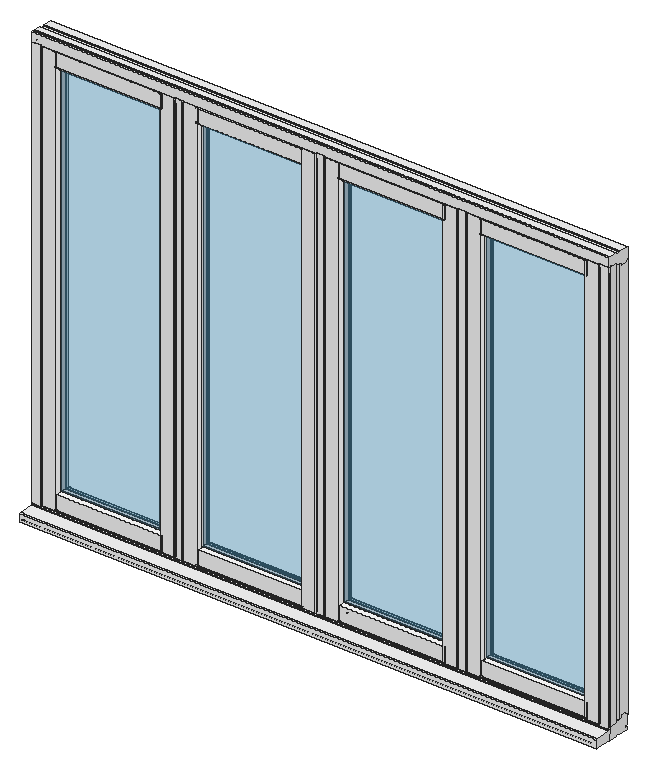
Revit family "C4", category Generic Models, Revit 2012 (continued)
Automatic sketch dimensions
  Sweep 30 sketch curve to Sweep 30 sketch curve = 3 mm  (x2)
  Sweep 30 sketch curve to Sweep 30 sketch curve = 10 mm
  Sweep 30 sketch curve to Sweep 30 sketch curve = 16 mm
  Sweep 30 sketch curve to Sweep 30 sketch curve = 4 mm
  Sweep 30 sketch curve to profile plane = 5 mm
  Sweep 30 sketch curve to profile plane = 10 mm
  Sweep 30 sketch curve to profile plane = 4 mm
  Sweep 30 sketch curve to profile plane = 1 mm
  profile plane to Sweep 30 sketch curve = 7 mm
  profile plane to Sweep 30 sketch curve = 10 mm
  Sweep 30 sketch curve to Sweep 30 sketch curve = 24.08 mm
  Sweep 30 sketch curve to Sweep 30 sketch curve = 0.647 mm
  Sweep 30 sketch curve to Sweep 30 sketch curve = 2.999 mm
  Sweep 30 sketch curve to Sweep 30 sketch curve = 26 mm
  Sweep 30 sketch curve to Sweep 30 sketch curve = 6.921 mm
  Sweep 30 sketch curve to Sweep 30 sketch curve = 2 mm
  Sweep 30 sketch curve to Sweep 30 sketch curve = 0.995 mm
  Sweep 30 sketch curve to Sweep 30 sketch curve = 5 mm
  Sweep 30 sketch curve to profile plane = 2 mm
  Sweep 30 sketch curve to Sweep 30 sketch curve = 31 mm
  Sweep 30 sketch curve to Sweep 30 sketch curve = 0.071 mm
  Sweep 30 sketch curve to Sweep 30 sketch curve = 0.17 mm
  Sweep 30 sketch curve to Sweep 30 sketch curve = 0 mm  (x3)
  Sweep 30 sketch curve to Sweep 30 sketch curve = 7 mm
  Sweep 30 sketch curve to Sweep 30 sketch curve = 8 mm
  Sweep 30 sketch curve to Sweep 30 sketch curve = 12 mm
  Sweep 31 sketch curve to plane 7 = 0 mm
  Sweep 31 sketch curve to plane 16 = 0 mm
  Sweep 31 sketch curve to level = 0 mm
  Sweep 31 sketch curve to profile plane = 0 mm  (x3)
  Sweep 31 sketch curve to profile plane = 47 mm
  Sweep 31 sketch curve to Sweep 31 sketch curve = 3 mm  (x3)
  Sweep 31 sketch curve to Sweep 31 sketch curve = 10 mm
  Sweep 31 sketch curve to Sweep 31 sketch curve = 16 mm
  Sweep 31 sketch curve to Sweep 31 sketch curve = 4 mm
  profile plane to Sweep 31 sketch curve = 5 mm
  Sweep 31 sketch curve to profile plane = 10 mm
  Sweep 31 sketch curve to profile plane = 4 mm
  Sweep 31 sketch curve to profile plane = 1 mm
  profile plane to Sweep 31 sketch curve = 7 mm
  profile plane to Sweep 31 sketch curve = 10 mm
  Sweep 31 sketch curve to Sweep 31 sketch curve = 24.08 mm
  Sweep 31 sketch curve to Sweep 31 sketch curve = 0.647 mm
  Sweep 31 sketch curve to Sweep 31 sketch curve = 2.999 mm
  Sweep 31 sketch curve to Sweep 31 sketch curve = 26 mm
  Sweep 31 sketch curve to Sweep 31 sketch curve = 6.921 mm
  Sweep 31 sketch curve to Sweep 31 sketch curve = 2 mm
  Sweep 31 sketch curve to Sweep 31 sketch curve = 0.995 mm
  Sweep 31 sketch curve to Sweep 31 sketch curve = 5 mm
  profile plane to Sweep 31 sketch curve = 33 mm
  Sweep 31 sketch curve to Sweep 31 sketch curve = 0.071 mm
  Sweep 31 sketch curve to Sweep 31 sketch curve = 0.17 mm
  Sweep 31 sketch curve to Sweep 31 sketch curve = 0 mm  (x3)
  Sweep 31 sketch curve to Sweep 31 sketch curve = 7 mm
  Sweep 31 sketch curve to Sweep 31 sketch curve = 8 mm
  profile plane to Sweep 31 sketch curve = 2 mm
  Sweep 32 sketch curve to plane 5 = 0 mm
  Sweep 32 sketch curve to plane 7 = 0 mm
  plane 1 "Center (Front/Back)" to Sweep 32 sketch curve = 1.015 mm
  Sweep 32 sketch curve to level = 5 mm
  profile plane to Sweep 32 sketch curve = 132 mm
  Sweep 32 sketch curve to Sweep 32 sketch curve = 2.63 mm
  Sweep 32 sketch curve to Sweep 32 sketch curve = 3 mm  (x5)
  level to Sweep 32 sketch curve = 30.977 mm
  Sweep 32 sketch curve to Sweep 32 sketch curve = 25 mm
  level to Sweep 32 sketch curve = 33.978 mm
  Sweep 32 sketch curve to Sweep 32 sketch curve = 25.006 mm
  Sweep 32 sketch curve to Sweep 32 sketch curve = 32.364 mm
  Sweep 32 sketch curve to Sweep 32 sketch curve = 2 mm  (x2)
  profile plane to Sweep 32 sketch curve = 5 mm
  Sweep 32 sketch curve to profile plane = 18 mm
  Sweep 32 sketch curve to Sweep 32 sketch curve = 0 mm
  Sweep 32 sketch curve to Sweep 32 sketch curve = 6 mm
  Sweep 32 sketch curve to Sweep 32 sketch curve = 10 mm  (x2)
  Sweep 32 sketch curve to Sweep 32 sketch curve = 11 mm
  level to Sweep 32 sketch curve = 25 mm
  Sweep 32 sketch curve to Sweep 32 sketch curve = 4.022 mm
  Sweep 32 sketch curve to Sweep 32 sketch curve = 5 mm  (x2)
  Sweep 32 sketch curve to Sweep 32 sketch curve = 1 mm  (x2)
  Extrusion 33 sketch curve to plane 30 = 0 mm
  plane 30 to Extrusion 33 sketch curve = 3 mm
  plane 9 to Extrusion 33 sketch curve = 20.384 mm
  Extrusion 33 sketch curve to Extrusion 33 sketch curve = 2 mm  (x4)
  Extrusion 33 sketch curve to Extrusion 33 sketch curve = 3 mm
  Extrusion 33 sketch curve to Extrusion 33 sketch curve = 10 mm  (x2)
  Extrusion 33 sketch curve to plane 13 = 2.013 mm
  Extrusion 33 sketch curve to Extrusion 33 sketch curve = 11 mm
  plane 1 "Center (Front/Back)" to Extrusion 33 sketch curve = 7.616 mm
  Extrusion 33 sketch curve to plane 13 = 3.013 mm
  Extrusion 33 sketch curve to plane 15 = 6.601 mm
  Extrusion 33 sketch curve to Extrusion 33 sketch curve = 41 mm
  Extrusion 33 sketch curve to Extrusion 33 sketch curve = 6 mm
  plane 20 to Extrusion 34 sketch curve = 2.773 mm  (x2)
  plane 9 to Extrusion 34 sketch curve = 20.384 mm
  Extrusion 34 sketch curve to plane 20 = 0.227 mm
  Extrusion 34 sketch curve to Extrusion 34 sketch curve = 2 mm  (x4)
  Extrusion 34 sketch curve to Extrusion 34 sketch curve = 10 mm  (x2)
  Extrusion 34 sketch curve to Extrusion 34 sketch curve = 11 mm
  plane 1 "Center (Front/Back)" to Extrusion 34 sketch curve = 7.616 mm
  Extrusion 34 sketch curve to plane 15 = 6.601 mm
  Extrusion 34 sketch curve to Extrusion 34 sketch curve = 3 mm
  plane 20 to Extrusion 34 sketch curve = 7.773 mm
  Extrusion 34 sketch curve to Extrusion 34 sketch curve = 42 mm
  Extrusion 34 sketch curve to Extrusion 34 sketch curve = 6 mm
  Extrusion 35 sketch curve to plane 19 = 3.013 mm
  plane 9 to Extrusion 35 sketch curve = 20.384 mm
  Extrusion 35 sketch curve to plane 19 = 0.013 mm
  Extrusion 35 sketch curve to Extrusion 35 sketch curve = 2 mm  (x4)
  Extrusion 35 sketch curve to Extrusion 35 sketch curve = 3 mm  (x2)
  Extrusion 35 sketch curve to Extrusion 35 sketch curve = 10 mm  (x2)
  Extrusion 35 sketch curve to Extrusion 35 sketch curve = 11 mm
  plane 1 "Center (Front/Back)" to Extrusion 35 sketch curve = 7.616 mm
  Extrusion 35 sketch curve to plane 15 = 6.601 mm
  Extrusion 35 sketch curve to plane 19 = 8.013 mm
  Extrusion 35 sketch curve to Extrusion 35 sketch curve = 42 mm
  Extrusion 35 sketch curve to Extrusion 35 sketch curve = 6 mm
  plane 9 to Extrusion 36 sketch curve = 20.384 mm
  Extrusion 36 sketch curve to Extrusion 36 sketch curve = 3 mm  (x3)
  Extrusion 36 sketch curve to Extrusion 36 sketch curve = 2 mm  (x4)
  Extrusion 36 sketch curve to Extrusion 36 sketch curve = 10 mm  (x2)
  Extrusion 36 sketch curve to Extrusion 36 sketch curve = 11 mm
  plane 1 "Center (Front/Back)" to Extrusion 36 sketch curve = 7.616 mm
  Extrusion 36 sketch curve to plane 15 = 6.601 mm
  plane 25 to Extrusion 36 sketch curve = 31.773 mm
  Extrusion 36 sketch curve to Extrusion 36 sketch curve = 5 mm
  Extrusion 36 sketch curve to Extrusion 36 sketch curve = 41 mm
  Extrusion 36 sketch curve to Extrusion 36 sketch curve = 6 mm
  Extrusion 37 sketch curve to plane 17 = 2.998 mm
  plane 9 to Extrusion 37 sketch curve = 20.5 mm
  plane 17 to Extrusion 37 sketch curve = 0.002 mm
  Extrusion 37 sketch curve to Extrusion 37 sketch curve = 2 mm  (x4)
  Extrusion 37 sketch curve to Extrusion 37 sketch curve = 3 mm  (x2)
  Extrusion 37 sketch curve to Extrusion 37 sketch curve = 10 mm  (x2)
  Extrusion 37 sketch curve to Extrusion 37 sketch curve = 11 mm
  plane 1 "Center (Front/Back)" to Extrusion 37 sketch curve = 7.5 mm
  Extrusion 37 sketch curve to plane 15 = 6.485 mm
  Extrusion 37 sketch curve to plane 17 = 7.998 mm
  Extrusion 37 sketch curve to Extrusion 37 sketch curve = 41 mm
  Extrusion 37 sketch curve to Extrusion 37 sketch curve = 6 mm
  Extrusion 38 sketch curve to plane 14 = 9 mm
  plane 9 to Extrusion 38 sketch curve = 20.884 mm
  Extrusion 38 sketch curve to Extrusion 38 sketch curve = 3 mm  (x2)
  Extrusion 38 sketch curve to Extrusion 38 sketch curve = 2 mm  (x4)
  plane 11 to Extrusion 38 sketch curve = 2.951 mm
  Extrusion 38 sketch curve to Extrusion 38 sketch curve = 10 mm
  plane 14 to Extrusion 38 sketch curve = 1.951 mm
  Extrusion 38 sketch curve to Extrusion 38 sketch curve = 11 mm
  plane 1 "Center (Front/Back)" to Extrusion 38 sketch curve = 7.116 mm
  plane 14 to Extrusion 38 sketch curve = 2.951 mm
  Extrusion 38 sketch curve to plane 15 = 6.101 mm
  Extrusion 38 sketch curve to plane 11 = 7.049 mm
  Extrusion 38 sketch curve to plane 11 = 13.049 mm
  Sweep 39 sketch curve to plane 11 = 12.9 mm
  Sweep 39 sketch curve to plane 5 = 1828.213 mm
  Sweep 39 sketch curve to Sweep 39 sketch curve = 437.613 mm
  Sweep 39 sketch curve to plane 17 = 52.559 mm
  Sweep 39 sketch curve to profile plane = 0 mm
  Sweep 39 sketch curve to profile plane = 8 mm
  profile plane to Sweep 39 sketch curve = 15.893 mm
  Sweep 39 sketch curve to Sweep 39 sketch curve = 3 mm  (x3)
  Sweep 39 sketch curve to Sweep 39 sketch curve = 4 mm  (x2)
  profile plane to Sweep 39 sketch curve = 4.893 mm
  Sweep 39 sketch curve to profile plane = 0.107 mm
  plane 1 "Center (Front/Back)" to Extrusion 40 sketch curve = 32.984 mm
  Extrusion 40 sketch curve to plane 5 = 1832.241 mm
  Extrusion 40 sketch curve to Extrusion 40 sketch curve = 0.866 mm
  plane 1 "Center (Front/Back)" to Extrusion 40 sketch curve = 28.984 mm
  Extrusion 40 sketch curve to Extrusion 40 sketch curve = 428.827 mm
  plane 1 "Center (Front/Back)" to Extrusion 40 sketch curve = 8.984 mm
  Extrusion 40 sketch curve to Extrusion 40 sketch curve = 0 mm
  Extrusion 40 sketch curve to Extrusion 40 sketch curve = 4 mm
  Sweep 41 sketch curve to plane 11 = 9 mm
  Sweep 41 sketch curve to plane 5 = 1832.241 mm
  Sweep 41 sketch curve to Sweep 41 sketch curve = 429.693 mm
  Sweep 41 sketch curve to plane 17 = 56 mm
  profile plane to Sweep 41 sketch curve = 0 mm
  profile plane to Sweep 41 sketch curve = 10 mm
  Sweep 41 sketch curve to profile plane = 8 mm
  profile plane to Sweep 41 sketch curve = 8 mm
  plane 9 to Extrusion 42 sketch curve = 20.384 mm
  Extrusion 42 sketch curve to Extrusion 42 sketch curve = 3 mm  (x3)
  Extrusion 42 sketch curve to Extrusion 42 sketch curve = 2 mm  (x4)
  Extrusion 42 sketch curve to Extrusion 42 sketch curve = 10 mm  (x2)
  Extrusion 42 sketch curve to Extrusion 42 sketch curve = 11 mm
  plane 1 "Center (Front/Back)" to Extrusion 42 sketch curve = 7.616 mm
  Extrusion 42 sketch curve to plane 15 = 6.601 mm
  Extrusion 42 sketch curve to plane 5 = 2318 mm
  Extrusion 42 sketch curve to Extrusion 42 sketch curve = 5 mm
  Extrusion 42 sketch curve to Extrusion 42 sketch curve = 41 mm
  Extrusion 42 sketch curve to Extrusion 42 sketch curve = 6 mm
  plane 9 to Extrusion 43 sketch curve = 20.384 mm
  Extrusion 43 sketch curve to Extrusion 43 sketch curve = 3 mm  (x3)
  Extrusion 43 sketch curve to Extrusion 43 sketch curve = 2 mm  (x4)
  Extrusion 43 sketch curve to Extrusion 43 sketch curve = 10 mm  (x2)
  Extrusion 43 sketch curve to Extrusion 43 sketch curve = 11 mm
  plane 1 "Center (Front/Back)" to Extrusion 43 sketch curve = 7.616 mm
  Extrusion 43 sketch curve to plane 15 = 6.601 mm
  Extrusion 43 sketch curve to plane 5 = 1843.786 mm
  Extrusion 43 sketch curve to Extrusion 43 sketch curve = 16 mm
  Extrusion 43 sketch curve to Extrusion 43 sketch curve = 41 mm
  Extrusion 43 sketch curve to Extrusion 43 sketch curve = 5 mm
  plane 9 to Extrusion 44 sketch curve = 19.384 mm
  Extrusion 44 sketch curve to Extrusion 44 sketch curve = 4 mm  (x2)
  Extrusion 44 sketch curve to Extrusion 44 sketch curve = 2 mm  (x4)
  Extrusion 44 sketch curve to Extrusion 44 sketch curve = 7 mm  (x3)
  plane 1 "Center (Front/Back)" to Extrusion 44 sketch curve = 7.616 mm  (x2)
  Extrusion 44 sketch curve to plane 30 = 0.013 mm
  Extrusion 44 sketch curve to plane 1 "Center (Front/Back)" = 0.384 mm  (x2)
  Extrusion 44 sketch curve to Extrusion 44 sketch curve = 3 mm  (x3)
  Extrusion 44 sketch curve to plane 1 "Center (Front/Back)" = 3.384 mm
  Extrusion 44 sketch curve to plane 15 = 3.601 mm  (x2)
  plane 15 to Extrusion 44 sketch curve = 0.399 mm  (x2)
  plane 30 to Extrusion 44 sketch curve = 0.987 mm
  plane 15 to Extrusion 44 sketch curve = 16.399 mm
  Extrusion 44 sketch curve to Extrusion 44 sketch curve = 16 mm
  Extrusion 44 sketch curve to Extrusion 44 sketch curve = 10 mm  (x2)
  plane 12 to Extrusion 44 sketch curve = 2 mm  (x4)
  Extrusion 44 sketch curve to Extrusion 44 sketch curve = 1 mm  (x3)
  Extrusion 44 sketch curve to Extrusion 44 sketch curve = 22 mm
  Extrusion 44 sketch curve to Extrusion 44 sketch curve = 0 mm  (x2)
  Extrusion 44 sketch curve to Extrusion 44 sketch curve = 6 mm
  Extrusion 44 sketch curve to Extrusion 44 sketch curve = 8 mm
  plane 30 to Extrusion 44 sketch curve = 1.987 mm
  Extrusion 44 sketch curve to plane 13 = 6 mm
Types (3, lengths in mm): name | Width | Height | GlazingPanelMaterial | Floor Material
  Window Sill drawing | 2358 | 1770 | Glass | White
  Access Manager | 1250 | 1250 | none | none
  window family | 2358 | 1770 | Glass | 1.12A ANCHOR FIXING
